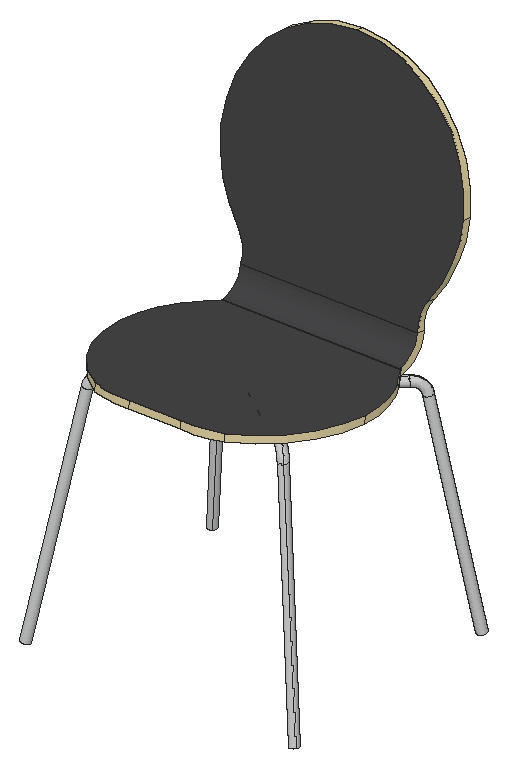
Revit family "Kurpie Chair VI", category Furniture, Revit 2020
Family settings
  OmniClass Number = 23.40.20.00
  OmniClass Title = General Furniture and Specialties
  Work Plane-Based = No
  Always vertical = Yes
  Cut with Voids When Loaded = No
  Shared = No
  Room Calculation Point = No
Parameters (values of type "Laminate, 4 leg")
  Width = 1' - 7 87/128"  # constant formula
  URL = ""
  UK Secondary Seat Count = 1
  UK Primary Seat Count = 1
  Type Comments = ""
  Sled Base? [instance] = no
  Seat Back [instance] = Laminate, Formica, Black 909-42
  Seat [instance] = Laminate, Formica, Black 909-42
  HS Seat Count = 1
  Frame [instance] = Frame, Kurpie, Chrome
  Edge [instance] = Kurpie Steam Bent Plywood
  ES Seat Count = 1
  Default Elevation = 0' - 0"
  Cost = 1
  Seat Height = 1' - 5 91/128"  # constant formula
  Product Page URL = ""
  Leg Base [instance] = yes
  Model = "KU-STL-R01-90942"
  Manufacturer email = ""
  Manufacturer = ""
  Keynote = ""
  Height = 2' - 9 169/256"  # constant formula
  Description = ""
  Depth = 1' - 6 7/64"  # constant formula
  Assembly Code = ""
Types (5): name | Sled Base? | Leg Base | Model
  (no name) | no | yes | "KU-STL-R01-90942"
  Laminate, 4 leg | no | yes | "KU-STL-R01-90942"
  Laminate, sled | yes | no | "KU-STS-R01-90942"
  Stain, 4 leg | no | yes | "KU-STL-R01-1.043"
  Stain, sled | yes | no | "KU-STS-R01-1.043"
Reference planes (in)
  plane 1 "Center Front/Back": y = 0
  plane 2: z = 0
  plane 3 "Center Left/Right": x = 0
  plane 4: x = -9.83984
  plane 5: x = 9.83984
  plane 6: y = 9.05469
  plane 7: y = -9.05469
  plane 8: z = 33.66016
  plane 9: z = 17.71094
  plane 10 "FrameLegLeft": through (-6.33117, -6.02882, 48) normal (-0.6561, 0.7547, 0)
  plane 11 "FrameLegRight": through (6.33117, -6.02882, 48) normal (-0.6561, -0.7547, 0)
Forms (in)
  Sweep 1, solid, material "Frame, Kurpie, Chrome" <- "Frame", visible <- "Sled Base?"
    path origin (0.26005, -0.29916, 0) x (-0.75471, -0.656059, 0) y (0, 0, 1)
      loop
        line (12.32562, 1.4645) -> (9.30077, 15.69531)
        arc (9.30077, 15.69531) -> (8.88694, 16.31295) -> (8.16119, 16.47428) r 1
        line (8.16119, 16.47428) -> (0, 15.13932)
    profile origin (-7.90077, -7.39325, 8.5799) x (0.738217, 0.641723, -0.207912) y (-0.656059, 0.75471, 0)
      loop
        circle (0.03603, 0.0179) r 0.3125
  Sweep 2, solid, material "Frame, Kurpie, Chrome" <- "Frame", visible <- "Sled Base?"
    path origin (0.88505, -0.45084, 0) x (-0.75471, 0.656059, 0) y (0, 0, -1)
      loop
        line (12.65115, -1.55337) -> (10.07523, -14.80534)
        arc (10.07523, -14.80534) -> (9.70926, -15.40254) -> (9.04126, -15.61316) r 1
        line (9.04126, -15.61316) -> (0, -15.13932)
    profile origin (-7.69085, 7.00408, 8.17935) x (-0.740843, 0.644005, 0.190809) y (-0.656059, -0.75471, 0)
      loop
        circle (0, 0.62938) r 0.31145
  Sweep 3, solid, material "Frame, Kurpie, Chrome" <- "Frame", visible <- "Leg Base"
    path origin (0.26005, -0.29916, 0) x (-0.75471, -0.656059, 0) y (0, 0, 1)
      loop
        line (12.63691, 0) -> (9.30077, 15.69531)
        arc (9.30077, 15.69531) -> (8.88694, 16.31295) -> (8.16119, 16.47428) r 1
        line (8.16119, 16.47428) -> (0, 15.13932)
    profile origin (-8.01823, -7.49536, 7.84765) x (0.738217, 0.641723, -0.207912) y (-0.656059, 0.75471, 0)
      loop
        circle (0.03603, 0.0179) r 0.3125
  Sweep 4, solid, material "Frame, Kurpie, Chrome" <- "Frame", visible <- "Leg Base"
    path origin (0.88505, -0.45084, 0) x (-0.75471, 0.656059, 0) y (0, 0, -1)
      loop
        line (12.95309, 0) -> (10.07523, -14.80534)
        arc (10.07523, -14.80534) -> (9.70926, -15.40254) -> (9.04126, -15.61316) r 1
        line (9.04126, -15.61316) -> (0, -15.13932)
    profile origin (-7.80479, 7.10313, 7.40267) x (-0.740843, 0.644005, 0.190809) y (-0.656059, -0.75471, 0)
      loop
        circle (0, 0.62938) r 0.31145
  Extrusion 5, solid, material "Frame, Kurpie, Chrome" <- "Frame", not visible
    sketch origin (0, 0, 0) x (1, 0, 0) y (0, 1, 0)
      loop
        line (-0.83957, 2.03392) -> (-0.83957, -2.03392) -> (0.83957, -2.03392) -> (0.83957, 2.03392) -> (-0.83957, 2.03392)
    from 14.71645 to 15.70239
  Sweep 6, solid, material "Frame, Kurpie, Chrome" <- "Frame", visible <- "Sled Base?"
    path origin (-0.07799, 0, -0.91325) x (0, 1, 0) y (0.139173, 0, 0.990268)
      loop
        arc (7.41694, 1.12187) -> (7.17335, 0.33738) -> (6.42439, 0) r 1
        line (6.42439, 0) -> (-7.41103, 0)
        arc (-7.41103, 0) -> (-8.17143, 0.35055) -> (-8.39872, 1.15643) r 1
    profile origin (-0.07799, -0.49332, -0.91325) x (-0.139173, 0, -0.990268) y (0.990268, 0, -0.139173)
      loop
        circle (0, -9.23023) r 0.3125
  Sweep 7, solid, material "Frame, Kurpie, Chrome" <- "Frame", visible <- "Sled Base?"
    path origin (-0.26005, -0.29916, 0) x (0.75471, -0.656059, 0) y (0, 0, -1)
      loop
        line (12.32562, -1.4645) -> (9.30077, -15.69531)
        arc (9.30077, -15.69531) -> (8.88694, -16.31295) -> (8.16119, -16.47428) r 1
        line (8.16119, -16.47428) -> (0, -15.13932)
    profile origin (7.90077, -7.39325, 8.5799) x (0.738217, -0.641723, 0.207912) y (0.656059, 0.75471, 0)
      loop
        circle (-0.03603, 0.0179) r 0.3125
  Sweep 8, solid, material "Frame, Kurpie, Chrome" <- "Frame", visible <- "Sled Base?"
    path origin (-0.88505, -0.45084, 0) x (0.75471, 0.656059, 0) y (0, 0, 1)
      loop
        line (12.65115, 1.55337) -> (10.07523, 14.80534)
        arc (10.07523, 14.80534) -> (9.70926, 15.40254) -> (9.04126, 15.61316) r 1
        line (9.04126, 15.61316) -> (0, 15.13932)
    profile origin (7.69085, 7.00408, 8.17935) x (-0.740843, -0.644005, -0.190809) y (0.656059, -0.75471, 0)
      loop
        circle (0, 0.62938) r 0.31145
  Sweep 9, solid, material "Frame, Kurpie, Chrome" <- "Frame", visible <- "Leg Base"
    path origin (-0.26005, -0.29916, 0) x (0.75471, -0.656059, 0) y (0, 0, -1)
      loop
        line (12.63691, 0) -> (9.30077, -15.69531)
        arc (9.30077, -15.69531) -> (8.88694, -16.31295) -> (8.16119, -16.47428) r 1
        line (8.16119, -16.47428) -> (0, -15.13932)
    profile origin (8.01823, -7.49536, 7.84765) x (0.738217, -0.641723, 0.207912) y (0.656059, 0.75471, 0)
      loop
        circle (-0.03603, 0.0179) r 0.3125
  Sweep 10, solid, material "Frame, Kurpie, Chrome" <- "Frame", visible <- "Leg Base"
    path origin (-0.88505, -0.45084, 0) x (0.75471, 0.656059, 0) y (0, 0, 1)
      loop
        line (12.95309, 0) -> (10.07523, 14.80534)
        arc (10.07523, 14.80534) -> (9.70926, 15.40254) -> (9.04126, 15.61316) r 1
        line (9.04126, 15.61316) -> (0, 15.13932)
    profile origin (7.80479, 7.10313, 7.40267) x (-0.740843, -0.644005, -0.190809) y (0.656059, -0.75471, 0)
      loop
        circle (0, 0.62938) r 0.31145
  Sweep 11, solid, material "Frame, Kurpie, Chrome" <- "Frame", visible <- "Sled Base?"
    path origin (0.07799, 0, -0.91325) x (0, 1, 0) y (0.139173, 0, -0.990268)
      loop
        arc (7.41694, -1.12187) -> (7.17335, -0.33738) -> (6.42439, 0) r 1
        line (6.42439, 0) -> (-7.41103, 0)
        arc (-7.41103, 0) -> (-8.17143, -0.35055) -> (-8.39872, -1.15643) r 1
    profile origin (0.07799, -0.49332, -0.91325) x (-0.139173, 0, 0.990268) y (-0.990268, 0, -0.139173)
      loop
        circle (0, -9.23023) r 0.3125
  Extrusion 12, solid
    sketch origin (0, 3.86808, 0.25637) x (1, 0, 0) y (0, 0.150743, 0.988573)
      loop
        arc (-0.00101, 33.59933) -> (-5.91638, 31.1498) -> (-8.36671, 25.23475) r 8.36458
        arc (-8.36671, 25.23475) -> (-7.9137, 22.43447) -> (-6.6009, 19.91984) r 8.8816
        arc (-6.6009, 19.91984) -> (-6.14029, 18.9444) -> (-6.09668, 17.86656) r 2.71006
        line (-6.09668, 17.86656) -> (6.09242, 17.86656)
        arc (6.09242, 17.86656) -> (6.13604, 18.9444) -> (6.59665, 19.91984) r 2.71007
        arc (6.59665, 19.91984) -> (7.90945, 22.43447) -> (8.36245, 25.23475) r 8.8816
        arc (8.36245, 25.23475) -> (5.91292, 31.14901) -> (-0.00101, 33.59933) r 8.36458
    from 0 to 0.5
  Extrusion 13, solid
    sketch origin (0, -2.21219, 0.00325) x (1, 0, 0) y (0, 0.996195, -0.087156)
      loop
        arc (1.76936, -8.2647) -> (3.13781, -8.191) -> (4.4569, -7.81938) r 6.21909
        arc (4.4569, -7.81938) -> (7.38261, -4.75512) -> (8.43086, -0.65016) r 8.36182
        arc (8.43086, -0.65016) -> (7.98321, 2.01571) -> (6.71847, 4.40479) r 8.47013
        arc (6.71847, 4.40479) -> (6.42534, 4.80999) -> (6.14937, 5.22706) r 11.98602
        line (6.14937, 5.22706) -> (-6.14937, 5.22706)
        arc (-6.14937, 5.22706) -> (-6.42534, 4.80999) -> (-6.71847, 4.40479) r 11.98602
        arc (-6.71847, 4.40479) -> (-7.98321, 2.01571) -> (-8.43086, -0.65016) r 8.47013
        arc (-8.43086, -0.65016) -> (-7.38261, -4.75512) -> (-4.4569, -7.81938) r 8.36182
        arc (-4.4569, -7.81938) -> (-3.13781, -8.191) -> (-1.76936, -8.2647) r 6.21909
        line (-1.76936, -8.2647) -> (1.76936, -8.2647)
    from 16.5 to 17
  Extrusion 14, solid
    sketch origin (0, 0, 0) x (0, 1, 0) y (0, 0, 1)
      loop
        line (6.56134, 17.91876) -> (6.06705, 17.99413)
        arc (6.06705, 17.99413) -> (5.53038, 16.96646) -> (4.47663, 16.48299) r 1.79053
        line (4.47663, 16.48299) -> (4.43305, 15.98489)
        arc (4.43305, 15.98489) -> (5.85745, 16.55536) -> (6.56134, 17.91876) r 2.19745
    from -6.09668 to 6.09242
Dimensions and locks (in)
  "Depth": plane 6 to plane 7
  equal spacing: plane 7, plane 1 "Center Front/Back", plane 6
  "Width": plane 4 to plane 5
  equal spacing: plane 4, plane 3 "Center Left/Right", plane 5
  "Height": plane 8 to level
  "Seat Height": plane 9 to level
  Extrusion 5 sketch curve to Extrusion 5 sketch curve = 0' - 4.06783"
  Extrusion 5 sketch curve to Extrusion 5 sketch curve = 0' - 1.67913"
  aligned and locked: level to plane 2
Automatic sketch dimensions
  Sweep 1 sketch curve to plane 9 = 0' - 1.23666"
  Sweep 1 sketch curve to Sweep 1 sketch curve = 0' - 0.16143"
  Sweep 1 sketch curve to plane 9 = 0' - 2 1/64"
  Sweep 1 sketch curve to Sweep 1 sketch curve = 0' - 0.97815"
  Sweep 1 sketch curve to plane 9 = 0' - 2.57161"
  Sweep 1 sketch curve to Sweep 1 sketch curve = 0' - 8.16119"
  level to Sweep 1 sketch curve = 0' - 1.4645"
  Sweep 1 sketch curve to Sweep 1 sketch curve = 0' - 3.02485"
  profile plane to Sweep 1 sketch curve = 0' - 0.0179"
  Sweep 1 sketch curve to profile plane = 0' - 0.03603"
  Sweep 2 sketch curve to plane 9 = 0' - 2.09778"
  Sweep 2 sketch curve to Sweep 2 sketch curve = 0' - 0.05234"
  Sweep 2 sketch curve to plane 9 = 0' - 2.9056"
  Sweep 2 sketch curve to Sweep 2 sketch curve = 0' - 0.98163"
  Sweep 2 sketch curve to plane 9 = 0' - 2.57161"
  Sweep 2 sketch curve to Sweep 2 sketch curve = 0' - 9.04126"
  level to Sweep 2 sketch curve = 0' - 1.55337"
  Sweep 2 sketch curve to Sweep 2 sketch curve = 0' - 2.57592"
  profile plane to Sweep 2 sketch curve = 0' - 0"
  profile plane to Sweep 2 sketch curve = 0' - 0.62938"
  level to Sweep 3 sketch curve = 0' - 0"
  Sweep 3 sketch curve to plane 9 = 0' - 1.23666"
  Sweep 3 sketch curve to Sweep 3 sketch curve = 0' - 0.16143"
  Sweep 3 sketch curve to plane 9 = 0' - 2 1/64"
  Sweep 3 sketch curve to Sweep 3 sketch curve = 0' - 0.97815"
  Sweep 3 sketch curve to plane 9 = 0' - 2.57161"
  Sweep 3 sketch curve to Sweep 3 sketch curve = 0' - 8.16119"
  Sweep 3 sketch curve to Sweep 3 sketch curve = 0' - 3.33614"
  profile plane to Sweep 3 sketch curve = 0' - 0.0179"
  Sweep 3 sketch curve to profile plane = 0' - 0.03603"
  Sweep 4 sketch curve to level = 0' - 0"
  Sweep 4 sketch curve to plane 9 = 0' - 2.09778"
  Sweep 4 sketch curve to Sweep 4 sketch curve = 0' - 0.05234"
  Sweep 4 sketch curve to plane 9 = 0' - 2.9056"
  Sweep 4 sketch curve to Sweep 4 sketch curve = 0' - 0.98163"
  Sweep 4 sketch curve to plane 9 = 0' - 2.57161"
  Sweep 4 sketch curve to Sweep 4 sketch curve = 0' - 9.04126"
  Sweep 4 sketch curve to Sweep 4 sketch curve = 0' - 2.87787"
  profile plane to Sweep 4 sketch curve = 0' - 0"
  profile plane to Sweep 4 sketch curve = 0' - 0.62938"
  Extrusion 5 sketch curve to plane 3 "Center Left/Right" = 0' - 0.83957"
  plane 3 "Center Left/Right" to Extrusion 5 sketch curve = 0' - 0.83957"
  plane 1 "Center Front/Back" to Extrusion 5 sketch curve = 0' - 2.03392"
  Extrusion 5 sketch curve to plane 1 "Center Front/Back" = 0' - 2.03392"
  Sweep 6 sketch curve to plane 7 = 0' - 1.64366"
  Sweep 6 sketch curve to plane 6 = 0' - 2.63029"
  Sweep 6 sketch curve to Sweep 6 sketch curve = 0' - 1"  (x2)
  Sweep 6 sketch curve to plane 7 = 0' - 0.65597"
  Sweep 6 sketch curve to Sweep 6 sketch curve = 0' - 0.99255"
  Sweep 6 sketch curve to profile plane = 0' - 0"
  Sweep 6 sketch curve to profile plane = 0' - 9.23023"
  Sweep 7 sketch curve to plane 9 = 0' - 1.23666"
  Sweep 7 sketch curve to Sweep 7 sketch curve = 0' - 0.16143"
  Sweep 7 sketch curve to plane 9 = 0' - 2 1/64"
  Sweep 7 sketch curve to Sweep 7 sketch curve = 0' - 0.97815"
  Sweep 7 sketch curve to plane 9 = 0' - 2.57161"
  Sweep 7 sketch curve to Sweep 7 sketch curve = 0' - 8.16119"
  level to Sweep 7 sketch curve = 0' - 1.4645"
  Sweep 7 sketch curve to Sweep 7 sketch curve = 0' - 3.02485"
  profile plane to Sweep 7 sketch curve = 0' - 0.0179"
  profile plane to Sweep 7 sketch curve = 0' - 0.03603"
  Sweep 8 sketch curve to plane 9 = 0' - 2.09778"
  Sweep 8 sketch curve to Sweep 8 sketch curve = 0' - 0.05234"
  Sweep 8 sketch curve to plane 9 = 0' - 2.9056"
  Sweep 8 sketch curve to Sweep 8 sketch curve = 0' - 0.98163"
  Sweep 8 sketch curve to plane 9 = 0' - 2.57161"
  Sweep 8 sketch curve to Sweep 8 sketch curve = 0' - 9.04126"
  level to Sweep 8 sketch curve = 0' - 1.55337"
  Sweep 8 sketch curve to Sweep 8 sketch curve = 0' - 2.57592"
  Sweep 8 sketch curve to profile plane = 0' - 0"
  profile plane to Sweep 8 sketch curve = 0' - 0.62938"
  level to Sweep 9 sketch curve = 0' - 0"
  Sweep 9 sketch curve to plane 9 = 0' - 1.23666"
  Sweep 9 sketch curve to Sweep 9 sketch curve = 0' - 0.16143"
  Sweep 9 sketch curve to plane 9 = 0' - 2 1/64"
  Sweep 9 sketch curve to Sweep 9 sketch curve = 0' - 0.97815"
  Sweep 9 sketch curve to plane 9 = 0' - 2.57161"
  Sweep 9 sketch curve to Sweep 9 sketch curve = 0' - 8.16119"
  Sweep 9 sketch curve to Sweep 9 sketch curve = 0' - 3.33614"
  profile plane to Sweep 9 sketch curve = 0' - 0.0179"
  profile plane to Sweep 9 sketch curve = 0' - 0.03603"
  Sweep 10 sketch curve to level = 0' - 0"
  Sweep 10 sketch curve to plane 9 = 0' - 2.09778"
  Sweep 10 sketch curve to Sweep 10 sketch curve = 0' - 0.05234"
  Sweep 10 sketch curve to plane 9 = 0' - 2.9056"
  Sweep 10 sketch curve to Sweep 10 sketch curve = 0' - 0.98163"
  Sweep 10 sketch curve to plane 9 = 0' - 2.57161"
  Sweep 10 sketch curve to Sweep 10 sketch curve = 0' - 9.04126"
  Sweep 10 sketch curve to Sweep 10 sketch curve = 0' - 2.87787"
  Sweep 10 sketch curve to profile plane = 0' - 0"
  profile plane to Sweep 10 sketch curve = 0' - 0.62938"
  Sweep 11 sketch curve to plane 7 = 0' - 1.64366"
  Sweep 11 sketch curve to plane 6 = 0' - 2.63029"
  Sweep 11 sketch curve to Sweep 11 sketch curve = 0' - 0"
  Sweep 11 sketch curve to Sweep 11 sketch curve = 0' - 1"
  Sweep 11 sketch curve to plane 7 = 0' - 0.65597"
  Sweep 11 sketch curve to Sweep 11 sketch curve = 0' - 0.99255"
  Sweep 11 sketch curve to profile plane = 0' - 0"
  Sweep 11 sketch curve to profile plane = 0' - 9.23023"
  plane 4 to Extrusion 12 sketch curve = 0' - 1.06768"
  Extrusion 12 sketch curve to Extrusion 12 sketch curve = 0' - 2.67549"
  Extrusion 12 sketch curve to plane 3 "Center Left/Right" = 0' - 0.51915"
  Extrusion 12 sketch curve to plane 3 "Center Left/Right" = 0' - 0.00213"
  Extrusion 12 sketch curve to Extrusion 12 sketch curve = 0' - 0"  (x4)
  plane 3 "Center Left/Right" to Extrusion 12 sketch curve = 0' - 0.51489"
  plane 5 to Extrusion 12 sketch curve = 0' - 3.74742"
  plane 5 to Extrusion 12 sketch curve = 0' - 1.07194"
  Extrusion 12 sketch curve to Extrusion 12 sketch curve = 0' - 0.43153"  (x2)
  Extrusion 12 sketch curve to Extrusion 12 sketch curve = 0' - 7.36819"
  plane 4 to Extrusion 12 sketch curve = 0' - 1.47313"
  Extrusion 12 sketch curve to plane 3 "Center Left/Right" = 0' - 0.00101"
  Extrusion 13 sketch curve to plane 4 = 0' - 6.44123"
  plane 4 to Extrusion 13 sketch curve = 0' - 3.69048"
  Extrusion 13 sketch curve to plane 3 "Center Left/Right" = 0' - 2.12118"
  Extrusion 13 sketch curve to plane 3 "Center Left/Right" = 0' - 1.76936"
  Extrusion 13 sketch curve to plane 3 "Center Left/Right" = 0' - 0.06919"
  Extrusion 13 sketch curve to Extrusion 13 sketch curve = 0' - 0.03008"  (x2)
  plane 3 "Center Left/Right" to Extrusion 13 sketch curve = 0' - 0.03912"
  plane 3 "Center Left/Right" to Extrusion 13 sketch curve = 0' - 1.76936"
  plane 3 "Center Left/Right" to Extrusion 13 sketch curve = 0' - 2.12118"
  plane 5 to Extrusion 13 sketch curve = 0' - 3.69048"
  Extrusion 13 sketch curve to plane 5 = 0' - 6.44123"
  Extrusion 13 sketch curve to Extrusion 13 sketch curve = 0' - 6.20914"
  Extrusion 13 sketch curve to Extrusion 13 sketch curve = 0' - 0"  (x4)
  Extrusion 13 sketch curve to Extrusion 13 sketch curve = 0' - 1.35367"
  Extrusion 13 sketch curve to Extrusion 13 sketch curve = 0' - 0.00066"  (x2)
  Extrusion 13 sketch curve to Extrusion 13 sketch curve = 0' - 7.28262"
  Extrusion 13 sketch curve to Extrusion 13 sketch curve = 0' - 6.40416"  (x2)
  Extrusion 13 sketch curve to Extrusion 13 sketch curve = 0' - 1.71239"
  Extrusion 13 sketch curve to Extrusion 13 sketch curve = 0' - 2.68753"
  plane 9 to Extrusion 14 sketch curve = 0' - 0.55355"
  Extrusion 14 sketch curve to plane 1 "Center Front/Back" = 0' - 4.29705"
  Extrusion 14 sketch curve to Extrusion 14 sketch curve = 0' - 0.08263"
  Extrusion 14 sketch curve to plane 9 = 0' - 1.22795"
  Extrusion 14 sketch curve to Extrusion 14 sketch curve = 0' - 0.09695"
  plane 9 to Extrusion 14 sketch curve = 0' - 0.2832"
  Extrusion 14 sketch curve to Extrusion 14 sketch curve = 0' - 0.0828"
  Extrusion 14 sketch curve to Extrusion 14 sketch curve = 0' - 0.04358"
  plane 9 to Extrusion 14 sketch curve = 0' - 0.20782"
  Extrusion 14 sketch curve to Extrusion 14 sketch curve = 0' - 0.49429"
  radius of Sweep 1 sketch curve = 0' - 0 5/16"
  radius of Sweep 2 sketch curve = 0' - 0.31145"
  radius of Sweep 3 sketch curve = 0' - 0 5/16"
  radius of Sweep 4 sketch curve = 0' - 0.31145"
  radius of Sweep 6 sketch curve = 0' - 0 5/16"
  radius of Sweep 7 sketch curve = 0' - 0 5/16"
  radius of Sweep 8 sketch curve = 0' - 0.31145"
  radius of Sweep 9 sketch curve = 0' - 0 5/16"
  radius of Sweep 10 sketch curve = 0' - 0.31145"
  radius of Sweep 11 sketch curve = 0' - 0 5/16"
